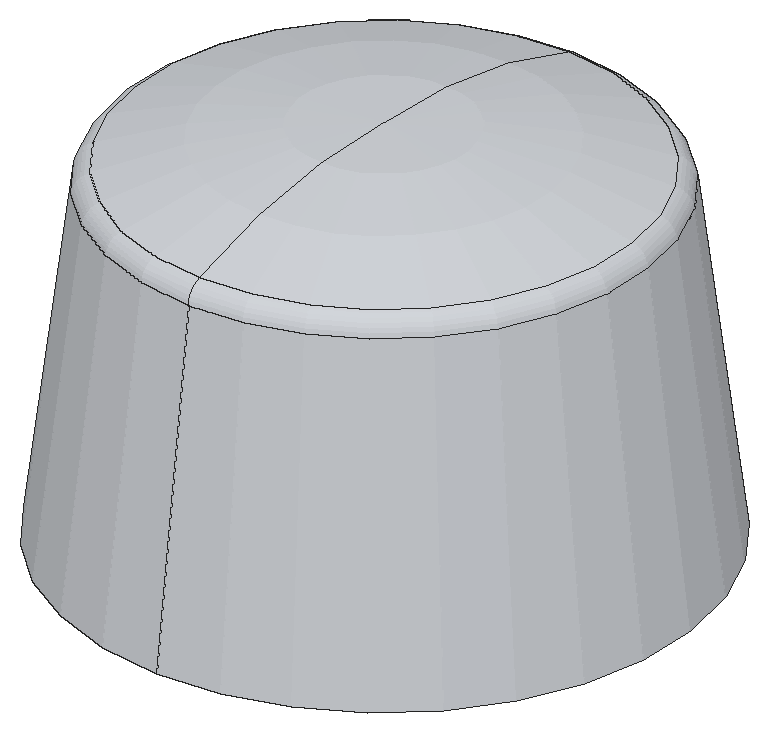
Revit family "E_FF109X Downlighter Cover", category Specialty Equipment, Revit 2015
Parameters (values of type "350mm")
  Youtube Clip = ""
  Wall Thickness = 14 mm
  URL = "https://www.tenmat.com/passive-fire-protection/"
  Top Radius = 185 mm
  Tenmat Item Number = "I109MC01200350023000"
  Radius = 215 mm
  Performance = "BS EN 1366-3:2009 & BS 476, ETA-12/0332, 1224-CPR-0341, CE Marked"
  Material/Grade = "Firefly 109"
  Manufacturer = "Tenmat ltd"
  IFC Classification = "Building Element Proxy"
  Description = "Firefly 109X Downlighter Cover"
  Height = 278 mm
  Cut-Out Size = "145-270mm"
Reference planes
  plane 1 "Center (Front/Back)": y = 0
  plane 2: z = 0
  plane 3 "Center (Left/Right)": x = 0
  plane 4: z = 10
  plane 5: y = -201
  plane 6: y = -215
  plane 7: z = 278
  plane 8: y = -185
  plane 9: z = 236
  plane 10: y = -174.156
  plane 11: z = 249.817
Forms (mm)
  Revolve 1, solid
    sketch origin (0, 0, 0) x (0, 1, 0) y (0, 0, 1)
      loop
        line (-201, 0) -> (-169.047, 236.782)
        arc (-169.047, 236.782) -> (-85.984, 259.459) -> (0, 263.98) r 403.131
        line (0, 263.98) -> (0, 278)
        arc (0, 278) -> (-88.585, 273.221) -> (-174.156, 249.817) r 417.131
        arc (-174.156, 249.817) -> (-181.459, 244.385) -> (-185, 236) r 17.318
        line (-185, 236) -> (-215, 0) -> (-201, 0)
      axis (0, 278) -> (0, 0)
    angle from 0 to 360
Dimensions and locks
  "Wall Thickness": plane 5 to plane 6
  "Height": plane 7 to plane 2
  "Radius": plane 1 "Center (Front/Back)" to plane 6
  plane 7 to plane 9 = 42 mm
  plane 11 to plane 9 = 13.817 mm
  plane 10 to plane 8 = 10.844 mm
  "Top Radius": plane 1 "Center (Front/Back)" to plane 8
  aligned and locked: level to plane 2
  aligned and locked: plane 2 to Revolve 1 sketch curve
  aligned and locked: plane 6 to Revolve 1 sketch curve
  aligned and locked: plane 9 to Revolve 1 sketch curve
  aligned and locked: plane 8 to Revolve 1 sketch curve
  aligned and locked: plane 10 to Revolve 1 sketch curve  (x2)
  aligned and locked: plane 11 to Revolve 1 sketch curve
  aligned and locked: plane 1 "Center (Front/Back)" to Revolve 1 sketch curve
  aligned and locked: Revolve 1 sketch curve to plane 1 "Center (Front/Back)"
Automatic sketch dimensions
  Revolve 1 sketch curve to Revolve 1 sketch curve = 0 mm  (x2)
  Revolve 1 sketch curve to plane 5 = 0 mm
  Revolve 1 sketch curve to plane 7 = 0 mm
  plane 9 to Revolve 1 sketch curve = 0.782 mm
  plane 10 to Revolve 1 sketch curve = 5.108 mm
  Revolve 1 sketch curve to Revolve 1 sketch curve = 1.211 mm
  plane 4 to Revolve 1 sketch curve = 12.81 mm
  Revolve 1 sketch curve to Revolve 1 sketch curve = 6.81 mm
